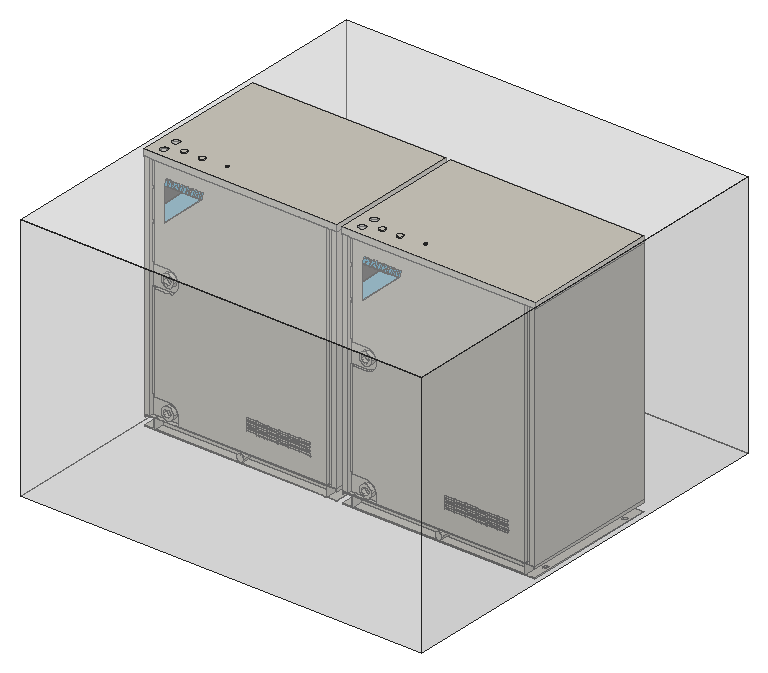
Revit family "outputfile", category 機械設備, Revit 2024
Family settings
  丸型コネクタ寸法 = 半径を使用
  種別 = なし
  パーツ タイプ = 標準
  OmniClass 番号 = 23.75.10.24.21.27.27
  OmniClass タイトル = Split System Air Conditioning Units
  作業面ベース = いいえ
  常に垂直 = はい
  ロード時にボイドで切り取り = いいえ
  注釈の向きを維持 = いいえ
  共有 = いいえ
  部屋計算ポイント = いいえ
Parameters (values of type "RWEYQ20TYM")
  製造元 = "Daikin"
  書き出し IFC クラス(タイプ) = "IfcUnitaryEquipmentType"
  定義済み IFC タイプ(タイプ) = "AIRCONDITIONINGUNIT"
  モデル = "RWEYQ20TYM"
  w_unit2 = 780.0 mm
  w_unit1 = 780.0 mm
  switch_unit2_6-8 [instance] = if(Reverse_ModuleSequence, if(default_unit1 = 1, 1 = 1, 1 = 0), if(default_unit2 = 1, 1 = 1, 1 = 0))  # no
  switch_unit2_12 [instance] = if(Reverse_ModuleSequence, if(default_unit1 = 3, 1 = 1, 1 = 0), if(default_unit2 = 3, 1 = 1, 1 = 0))  # no
  switch_unit2_10 [instance] = if(Reverse_ModuleSequence, if(default_unit1 = 2, 1 = 1, 1 = 0), if(default_unit2 = 2, 1 = 1, 1 = 0))  # yes
  switch_unit1_6-8 [instance] = if(Reverse_ModuleSequence, if(default_unit2 = 1, 1 = 1, 1 = 0), if(default_unit1 = 1, 1 = 1, 1 = 0))  # no
  switch_unit1_12 [instance] = if(Reverse_ModuleSequence, if(default_unit2 = 3, 1 = 1, 1 = 0), if(default_unit1 = 3, 1 = 1, 1 = 0))  # no
  switch_unit1_10 [instance] = if(Reverse_ModuleSequence, if(default_unit2 = 2, 1 = 1, 1 = 0), if(default_unit1 = 2, 1 = 1, 1 = 0))  # yes
  r_Water Outlet Pipe Connection_unit2 [instance] = Water Outlet Pipe Connection_Unit2 / 2  # 15.9 mm
  r_Water Outlet Pipe Connection_unit1 [instance] = Water Outlet Pipe Connection_Unit1 / 2  # 15.9 mm
  r_Water Inlet Pipe Connection_unit2 [instance] = Water Inlet Pipe Connection_Unit2 / 2  # 15.9 mm
  r_Water Inlet Pipe Connection_unit1 [instance] = Water Inlet Pipe Connection_Unit1 / 2  # 15.9 mm
  r_Liquid Pipe Size_unit2 [instance] = Liquid Pipe Size_Unit 2 / 2  # 4.75 mm
  r_HP/LP Gas Pipe Size_unit2 [instance] = [HP/LP Gas Pipe Size_Unit 2] / 2  # 11.1 mm
  r_HP/LP Gas Pipe Size_unit1 [instance] = [HP/LP Gas Pipe Size_Unit 1] / 2  # 11.1 mm
  r_Gas Pipe Size_unit2 [instance] = Gas Pipe Size_Unit 2 / 2  # 11.1 mm
  r_Drain Pipe Size = Drain Pipe Size / 2  # 6.35 mm
  lw_powersupply2 = 51.0 mm
  lw_liquidpipe2 = 274.0 mm
  lw_gaspipe2 [instance] = if(Heat Pump, 107.0 mm, 178.0 mm)  # 107.0 mm
  lw_Water Outlet2 = 95.0 mm
  lw_Water Outlet1 = 95.0 mm
  lw_Water Inlet2 = 95.0 mm
  lw_Water Inlet1 = 95.0 mm
  lw_HP/LP Gas Pipe2 [instance] = if(Heat Pump, 178.0 mm, 107.0 mm)  # 178.0 mm
  lw_HP/LP Gas Pipe1 [instance] = if(Heat Pump, 178.0 mm, 107.0 mm)  # 178.0 mm
  lw_Drain2 = 390.0 mm
  lw_Drain1 = 390.0 mm
  ld_HP/LP Gas Pipe = 69.0 mm
  h_mountinghole = [h_***] + 2.3 mm  # 2.3 mm
  r_Liquid Pipe Size_unit1 [instance] = Liquid Pipe Size_Unit 1 / 2  # 4.75 mm
  r_Gas Pipe Size_unit1 [instance] = Gas Pipe Size_Unit 1 / 2  # 11.1 mm
  distance_unit1-2 [instance] = 20.0 mm
  default_unit2 = 2
  default_unit1 = 2
  default_Water Outlet Pipe Connection_Unit 2 = 31.8 mm
  default_Water Outlet Pipe Connection_Unit 1 = 31.8 mm
  default_Water Inlet Pipe Connection_Unit 2 = 31.8 mm
  default_Water Inlet Pipe Connection_Unit 1 = 31.8 mm
  default_Model_Unit 2 = "RWEYQ10TYM"
  default_Model_Unit 1 = "RWEYQ10TYM"
  default_Liquid Pipe Size_Unit 2 = 9.5 mm
  default_Liquid Pipe Size_Unit 1 = 9.5 mm
  default_HP/LP Gas Pipe Size_Unit 2 [instance] = if(and(Heat Pump, [switch_unit2_6-8]), 19.1 mm, if(and(Heat Pump, switch_unit2_10), 22.2 mm, if(and(Heat Pump, switch_unit2_12), 22.2 mm, if(and(Heat Recovery, [switch_unit2_6-8]), 15.9 mm, if(and(Heat Recovery, switch_unit2_10), 19.1 mm, if(and(Heat Recovery, switch_unit2_12), 19.1 mm, 19.1 mm))))))  # 22.2 mm
  default_HP/LP Gas Pipe Size_Unit 1 [instance] = if(and(Heat Pump, [switch_unit1_6-8]), 19.1 mm, if(and(Heat Pump, switch_unit1_10), 22.2 mm, if(and(Heat Pump, switch_unit1_12), 22.2 mm, if(and(Heat Recovery, [switch_unit1_6-8]), 15.9 mm, if(and(Heat Recovery, switch_unit1_10), 19.1 mm, if(and(Heat Recovery, switch_unit1_12), 19.1 mm, 19.1 mm))))))  # 22.2 mm
  default_Gas Pipe Size_Unit 2 = 22.2 mm
  default_Gas Pipe Size_Unit 1 = 22.2 mm
  angle_Drain [instance] = if(Rear Connection_Drain, 180.00°, 0.00°)  # 0.00°
  Water Outlet Pipe Connection_Unit2 [instance] = if(Reverse_ModuleSequence, default_Water Inlet Pipe Connection_Unit 1, default_Water Inlet Pipe Connection_Unit 2)  # 31.8 mm
  Water Outlet Pipe Connection_Unit1 [instance] = if(Reverse_ModuleSequence, default_Water Outlet Pipe Connection_Unit 2, default_Water Outlet Pipe Connection_Unit 1)  # 31.8 mm
  Water Inlet Pipe Connection_Unit2 [instance] = if(Reverse_ModuleSequence, default_Water Outlet Pipe Connection_Unit 1, default_Water Outlet Pipe Connection_Unit 2)  # 31.8 mm
  Water Inlet Pipe Connection_Unit1 [instance] = if(Reverse_ModuleSequence, default_Water Inlet Pipe Connection_Unit 2, default_Water Inlet Pipe Connection_Unit 1)  # 31.8 mm
  Voltage_comment_60Hz = "380"
  Voltage_comment_50Hz = "380-415"
  Voltage_60Hz = 380 V
  Voltage_50Hz = 400 V
  Top Connection_powersupply2 [instance] = not(Top Connection_powersupply1)  # no
  Sound Power Level (dB) = 74
  Reverse_ModuleSequence [instance] = no
  Rear Connection_Drain [instance] = not(Front Connection_Drain)  # no
  Power Input (Heating) = 11.200 kW
  Phase_60Hz = 3
  Phase_50Hz = 3
  Nominal Heating Capacity = 63.000 kW
  Model_Unit 2 [instance] = if(Reverse_ModuleSequence, default_Model_Unit 1, default_Model_Unit 2)  # "RWEYQ10TYM"
  Model_Unit 1 [instance] = if(Reverse_ModuleSequence, default_Model_Unit 2, default_Model_Unit 1)  # "RWEYQ10TYM"
  Minimum Circuit Amps_60Hz = 27.3 A
  Minimum Circuit Amps_50Hz = 27.3 A
  Maximum Fuse Amps_60Hz = 35.0 A
  Maximum Fuse Amps_50Hz = 35.0 A
  Material_Heat Exchanger = DAIKIN_Blue_HE_outdoorunit
  Material_Casing = DAIKIN_IvoryWhite_Casing_outdoorunit
  lw_powersupply1 = 51.0 mm
  lw_liquidpipe1 = 274.0 mm
  lw_gaspipe1 [instance] = if(Heat Pump, 107.0 mm, 178.0 mm)  # 107.0 mm
  lh_powersupply = 940.0 mm
  ld_powersupply [instance] = if(Top Connection_powersupply1, 38.0 mm, 98.0 mm)  # 38.0 mm
  ld_liquidpipe = 79.0 mm
  ld_gaspipe = 69.0 mm
  h_*** = 0.0 mm
  Width [instance] = [distance_unit1-2] + w_unit1 + w_unit2  # 1580.0 mm
  Version = "ver.1.0"
  Unit Type = ""
  Unit Mass Weight = 294.00 kg
  Unit Designation [instance] = ""
  Uniclass2015Version = "Products v1.30"
  Uniclass2015Title = "Variable refrigerant flow units"
  Uniclass2015Code = "Pr_70_65_03_94"
  Total Cooling Capacity [instance] = 0.000 kW
  Sound Pressure Level (dBA) = 54
  Series = "VRV Heat Recovery"
  Refrigerant_Base Charge = 8.400 kg
  Refrigerant_Additional Charge [instance] = 0.000 kg
  Refrigerant Type = "R410A"
  Power Input (Cooling) = 10.900 kW
  Option Accessory 3 [instance] = ""
  Option Accessory 2 [instance] = ""
  Option Accessory 1 [instance] = ""
  Nominal Cooling Capacity = 56.000 kW
  Load Classification = HVAC
  Liquid Pipe Size_Unit 2 [instance] = if(Reverse_ModuleSequence, default_Liquid Pipe Size_Unit 1, default_Liquid Pipe Size_Unit 2)  # 9.5 mm
  Liquid Pipe Size_Unit 1 [instance] = if(Reverse_ModuleSequence, default_Liquid Pipe Size_Unit 2, default_Liquid Pipe Size_Unit 1)  # 9.5 mm
  Link_Nested Family [instance] = ""
  IfcVersion = ""
  IfcExportType = "AIRCONDITIONINGUNIT"
  IfcExportAs = "IfcUnitaryEquipmentType"
  Height = 1000.0 mm
  Heat Recovery [instance] = not(Heat Pump)  # no
  Heat Pump [instance] = yes
  Heat Exchanger Type = "Stainless Steel Plate"
  HP/LP Gas Pipe Size_Unit 2 [instance] = [default_HP/LP Gas Pipe Size_Unit 2]  # 22.2 mm
  HP/LP Gas Pipe Size_Unit 1 [instance] = [default_HP/LP Gas Pipe Size_Unit 1]  # 22.2 mm
  Gas Pipe Size_Unit 2 [instance] = if(Reverse_ModuleSequence, default_Gas Pipe Size_Unit 1, default_Gas Pipe Size_Unit 2)  # 22.2 mm
  Gas Pipe Size_Unit 1 [instance] = if(Reverse_ModuleSequence, default_Gas Pipe Size_Unit 2, default_Gas Pipe Size_Unit 1)  # 22.2 mm
  Top Connection_powersupply1 [instance] = yes
  Front Connection_Drain [instance] = yes
  Frequency_60Hz = 60 Hz
  Frequency_50Hz = 50 Hz
  Drain Pipe Size = 12.7 mm
  Depth = 550.0 mm
  既定の高さ = 0.0 mm
  Cooling Ambient Wet Bulb Temperature [instance] = 0.00 °C
  Cooling Ambient Dry Bulb Temperature [instance] = 0.00 °C
  Compressor Type = "Hermetically Sealed Scroll Type"
  Clearance visibility [instance] = yes
  Clearance Top = 0.0 mm
  Clearance Right = 20.0 mm
  Clearance Rear = 500.0 mm
  Clearance Left = 20.0 mm
  Clearance Front = 600.0 mm
  Clearance Bottom = 0.0 mm
  CU Tag No. [instance] = ""
Reference planes
  plane 1 "Center (Front/Back)": y = 0
  plane 2 "h_***": z = 0
  plane 3 "Center (Left/Right)": x = 0
  plane 4 "Back": y = 275
  plane 5 "Front": y = -275
  plane 6 "Left": x = -390
  plane 7 "w_unit1": x = 390
  plane 8 "Top": z = 1000
  plane 9 "Clearance Rear": y = 775
  plane 10 "Clearance Front": y = -875
  plane 11 "Clearance Left": x = -410
  plane 12 "Clearance Right": x = 1210
  plane 13 "Clearance Top": z = 1000
  plane 14 "Clearance Bottom": z = 0
  plane 15 "Bottom": z = 0
  plane 16 "lw_powersupply1": x = -339
  plane 17 "ld_powersupply": y = -237
  plane 18 "lw_liquidpipe1": x = -116
  plane 19 "Rear Connection_refrigetant": y = -196
  plane 20 "lw_gaspipe1": x = -283
  plane 21 "ld_gaspipe": y = -206
  plane 22 "lh_logo": z = 900
  plane 23 "lw_logo": x = 100
  plane 24 "lh_powersupply": z = 940
  plane 25 "lw_HP/LP Gas Pipe1": x = -212
  plane 26 "ld_HP/LP Gas Pipe": y = -206
  plane 27 "l_unit2": x = 410
  plane 28 "Right": x = 1190
  plane 29 "lw_powersupply2": x = 461
  plane 30 "lw_liquidpipe2": x = 684
  plane 31 "lw_gaspipe2": x = 517
  plane 32 "lw_HP/LP Gas Pipe2": x = 588
  plane 33 "lw_Water Inlet1": x = -295
  plane 34 "lw_Water Outlet1": x = -295
  plane 35 "lw_Drain1": x = 0
  plane 36 "lw_Water Inlet2": x = 505
  plane 37 "lw_Water Outlet2": x = 505
  plane 38 "lw_Drain2": x = 800
Dimensions and locks
  equal spacing: plane 4 "Back", plane 1 "Center (Front/Back)", plane 5 "Front"
  "Depth": plane 4 "Back" to plane 5 "Front"
  equal spacing: plane 6 "Left", plane 3 "Center (Left/Right)", plane 7 "w_unit1"
  "w_unit1": plane 6 "Left" to plane 7 "w_unit1"
  "Clearance Rear": plane 9 "Clearance Rear" to plane 4 "Back"
  "Clearance Front": plane 10 "Clearance Front" to plane 5 "Front"
  "Clearance Left": plane 11 "Clearance Left" to plane 6 "Left"
  "Clearance Top": plane 13 "Clearance Top" to plane 8 "Top"
  "h_***": plane 15 "Bottom" to plane 2 "h_***"
  "Height": plane 8 "Top" to plane 15 "Bottom"
  "Clearance Bottom": plane 15 "Bottom" to plane 14 "Clearance Bottom"
  "ld_powersupply": plane 17 "ld_powersupply" to plane 5 "Front"
  "ld_liquidpipe": plane 19 "Rear Connection_refrigetant" to plane 5 "Front"
  "ld_gaspipe": plane 21 "ld_gaspipe" to plane 5 "Front"
  locked: plane 23 "lw_logo" to plane 7 "w_unit1" at 290
  locked: plane 22 "lh_logo" to plane 15 "Bottom" at 900
  "lw_gaspipe1": plane 6 "Left" to plane 20 "lw_gaspipe1"
  "lw_liquidpipe1": plane 6 "Left" to plane 18 "lw_liquidpipe1"
  "lw_powersupply1": plane 6 "Left" to plane 16 "lw_powersupply1"
  "lh_powersupply": plane 24 "lh_powersupply" to plane 15 "Bottom"
  "lw_HP/LP Gas Pipe1": plane 6 "Left" to plane 25 "lw_HP/LP Gas Pipe1"
  "ld_HP/LP Gas Pipe": plane 26 "ld_HP/LP Gas Pipe" to plane 5 "Front"
  "distance_unit1-2": plane 7 "w_unit1" to plane 27 "l_unit2"
  "Clearance Right": plane 28 "Right" to plane 12 "Clearance Right"
  "Width": plane 6 "Left" to plane 28 "Right"
  "lw_powersupply2": plane 27 "l_unit2" to plane 29 "lw_powersupply2"
  "lw_HP/LP Gas Pipe2": plane 27 "l_unit2" to plane 32 "lw_HP/LP Gas Pipe2"
  "lw_gaspipe2": plane 27 "l_unit2" to plane 31 "lw_gaspipe2"
  "lw_liquidpipe2": plane 27 "l_unit2" to plane 30 "lw_liquidpipe2"
  "lw_Water Inlet1": plane 6 "Left" to plane 33 "lw_Water Inlet1"
  "lw_Water Outlet1": plane 6 "Left" to plane 34 "lw_Water Outlet1"
  "lw_Drain1": plane 6 "Left" to plane 35 "lw_Drain1"
  "lw_Water Inlet2": plane 27 "l_unit2" to plane 36 "lw_Water Inlet2"
  "lw_Water Outlet2": plane 27 "l_unit2" to plane 37 "lw_Water Outlet2"
  "lw_Drain2": plane 27 "l_unit2" to plane 38 "lw_Drain2"
  aligned and locked: level to plane 2 "h_***"
  aligned and locked: plane 9 "Clearance Rear" to nested 2
  aligned and locked: nested 2 to plane 10 "Clearance Front"
  aligned and locked: plane 11 "Clearance Left" to nested 2
  aligned and locked: plane 12 "Clearance Right" to nested 2
  aligned and locked: plane 13 "Clearance Top" to nested 2
  aligned and locked: plane 14 "Clearance Bottom" to nested 2
  aligned and locked: plane 8 "Top" to nested 1
  aligned and locked: plane 22 "lh_logo" to nested 7
  aligned and locked: nested 8 to plane 16 "lw_powersupply1"
  aligned and locked: nested 9 to plane 20 "lw_gaspipe1"
  aligned and locked: nested 10 to plane 18 "lw_liquidpipe1"
  aligned and locked: nested 10 to plane 19 "Rear Connection_refrigetant"
  aligned and locked: nested 9 to plane 21 "ld_gaspipe"
  aligned and locked: nested 8 to plane 17 "ld_powersupply"
  aligned and locked: plane 5 "Front" to nested 7
  aligned and locked: plane 24 "lh_powersupply" to nested 8
  aligned and locked: plane 27 "l_unit2" to nested 11
  aligned and locked: nested 17 to plane 29 "lw_powersupply2"
  aligned and locked: nested 17 to plane 17 "ld_powersupply"
  aligned and locked: nested 18 to plane 31 "lw_gaspipe2"
  aligned and locked: nested 18 to plane 26 "ld_HP/LP Gas Pipe"
  aligned and locked: plane 1 "Center (Front/Back)" to nested 20
  aligned and locked: plane 33 "lw_Water Inlet1" to nested 20
  aligned and locked: plane 1 "Center (Front/Back)" to nested 21
  aligned and locked: plane 34 "lw_Water Outlet1" to nested 21
  aligned and locked: plane 1 "Center (Front/Back)" to nested 22
  aligned and locked: plane 35 "lw_Drain1" to nested 22
  aligned and locked: plane 1 "Center (Front/Back)" to nested 23
  aligned and locked: plane 36 "lw_Water Inlet2" to nested 23
  aligned and locked: plane 1 "Center (Front/Back)" to nested 24
  aligned and locked: plane 37 "lw_Water Outlet2" to nested 24
  aligned and locked: plane 1 "Center (Front/Back)" to nested 25
  aligned and locked: plane 38 "lw_Drain2" to nested 25
  aligned and locked: plane 25 "lw_HP/LP Gas Pipe1" to nested 26
  aligned and locked: plane 32 "lw_HP/LP Gas Pipe2" to nested 27
  aligned and locked: nested 26 to plane 26 "ld_HP/LP Gas Pipe"
  aligned and locked: nested 27 to plane 26 "ld_HP/LP Gas Pipe"
Nested families
  nested 1: "DAIKIN_outdoorunit_RWEYQ-TYM" at (-31, 0, 0), h_*** <- "h_***", Link_Nest <- "Link_Nested Family", h_mountinghole <- "h_mountinghole", Width <- "w_unit1", switch_unit1_6-8 <- "switch_unit1_6-8", switch_unit1_10 <- "switch_unit1_10", switch_unit1_12 <- "switch_unit1_12", type "RWEYQ-TYM"
    with switch_unit1_6-8 no, switch_unit1_12 no, switch_unit1_10 yes, show_fixedhole yes, h_mountinghole 2.3 mm, h_antenna_mountinghole 998.7 mm, h_*** 0.0 mm, array_bolt 5, Width 780.0 mm, Liquid Pipe Size_Unit 1 9.5 mm, Link_Nest "", HP/LP Pipe Size_Unit 1 22.2 mm, Gas Pipe Size_Unit 1 22.2 mm
  nested 2: "daikin_clearancespace" at (400, -50, 500.119), visible <- "Clearance visibility", show <- "Clearance visibility", Link_Nested Family <- "Link_Nested Family", type "daikin_clearancespace"
    with width 1620.0 mm, show yes, height 1000.0 mm, depth 1650.0 mm, Link_Nested Family ""
  nested 3: "daikin_mountinghole" at (-372, 200, 0), type "daikin_mountinghole"
    with show yes, l_antenna 998.7 mm, h_mountinghole 2.3 mm, Link_Nested Family ""
  nested 4: "daikin_mountinghole" at (372, 200, 0), type "daikin_mountinghole"
    with show yes, l_antenna 998.7 mm, h_mountinghole 2.3 mm, Link_Nested Family ""
  nested 5: "daikin_mountinghole" at (-372, -200, 0), type "daikin_mountinghole"
    with show yes, l_antenna 998.7 mm, h_mountinghole 2.3 mm, Link_Nested Family ""
  nested 6: "daikin_mountinghole" at (372, -200, 0), type "daikin_mountinghole"
    with show yes, l_antenna 998.7 mm, h_mountinghole 2.3 mm, Link_Nested Family ""
  nested 7: "daikin_logo_elevation_w150" at (-212.5, -275, 744.568), type "daikin_logo_elevation_w150"
    with show_logo yes
  nested 8: "daikin_connector_rotate3" at (-339, -237, 940) x (-1, 0, 0) z (0, 0, -1), type "daikin_connector_rotate3"
    with show no, radius 10.0 mm, length 60.0 mm, angle_vertical 0.00°, angle_horizontal 0.00°
  nested 9: "daikin_connector_rotate3" at (-283, -206, 940) x (-1, 0, 0) z (0, 0, -1), radius <- "r_Gas Pipe Size_unit1", type "daikin_connector_rotate3"
    with show no, radius 11.1 mm, length 60.0 mm, angle_vertical 0.00°, angle_horizontal 0.00°
  nested 10: "daikin_connector_rotate3" at (-116, -196, 940) x (-1, 0, 0) z (0, 0, -1), radius <- "r_Liquid Pipe Size_unit1", type "daikin_connector_rotate3"
    with show no, radius 4.75 mm, length 60.0 mm, angle_vertical 0.00°, angle_horizontal 0.00°
  nested 11: "DAIKIN_outdoorunit_RWEYQ-TYM" at (769, 0, 0), Width <- "w_unit2", switch_unit1_6-8 <- "switch_unit2_6-8", switch_unit1_10 <- "switch_unit2_10", switch_unit1_12 <- "switch_unit2_12", type "RWEYQ-TYM"
    with switch_unit1_6-8 no, switch_unit1_12 no, switch_unit1_10 yes, show_fixedhole yes, h_mountinghole 2.3 mm, h_antenna_mountinghole 998.7 mm, h_*** 0.0 mm, array_bolt 5, Width 780.0 mm, Liquid Pipe Size_Unit 1 9.5 mm, Link_Nest "", HP/LP Pipe Size_Unit 1 22.2 mm, Gas Pipe Size_Unit 1 22.2 mm
  nested 12: "daikin_mountinghole" at (428, 200, 0), type "daikin_mountinghole"
    with show yes, l_antenna 998.7 mm, h_mountinghole 2.3 mm, Link_Nested Family ""
  nested 13: "daikin_mountinghole" at (1172, 200, 0), type "daikin_mountinghole"
    with show yes, l_antenna 998.7 mm, h_mountinghole 2.3 mm, Link_Nested Family ""
  nested 14: "daikin_mountinghole" at (428, -200, 0), type "daikin_mountinghole"
    with show yes, l_antenna 998.7 mm, h_mountinghole 2.3 mm, Link_Nested Family ""
  nested 15: "daikin_mountinghole" at (1172, -200, 0), type "daikin_mountinghole"
    with show yes, l_antenna 998.7 mm, h_mountinghole 2.3 mm, Link_Nested Family ""
  nested 16: "daikin_connector_rotate3" at (684, -196, 940) x (-1, 0, 0) z (0, 0, -1), radius <- "r_Liquid Pipe Size_unit2", type "daikin_connector_rotate3"
    with show no, radius 4.75 mm, length 60.0 mm, angle_vertical 0.00°, angle_horizontal 0.00°
  nested 17: "daikin_connector_rotate3" at (461, -237, 940) x (-1, 0, 0) z (0, 0, -1), type "daikin_connector_rotate3"
    with show no, radius 10.0 mm, length 60.0 mm, angle_vertical 0.00°, angle_horizontal 0.00°
  nested 18: "daikin_connector_rotate3" at (517, -206, 940) x (-1, 0, 0) z (0, 0, -1), radius <- "r_Gas Pipe Size_unit2", type "daikin_connector_rotate3"
    with show no, radius 11.1 mm, length 60.0 mm, angle_vertical 0.00°, angle_horizontal 0.00°
  nested 19: "daikin_logo_elevation_w150" at (587.5, -275, 744.568), type "daikin_logo_elevation_w150"
    with show_logo yes
  nested 20: "daikin_connector_rotate3" at (-295, 0, 76), radius <- "r_Water Inlet Pipe Connection_unit1", type "daikin_connector_rotate3"
    with show no, radius 15.9 mm, length 275.0 mm, angle_vertical 90.00°, angle_horizontal 0.00°
  nested 21: "daikin_connector_rotate3" at (-295, 0, 556), radius <- "r_Water Outlet Pipe Connection_unit1", type "daikin_connector_rotate3"
    with show no, radius 15.9 mm, length 275.0 mm, angle_vertical 90.00°, angle_horizontal 0.00°
  nested 22: "daikin_connector_rotate3" at (0, 0, 19), angle_horizontal <- "angle_Drain", radius <- "r_Drain Pipe Size", type "daikin_connector_rotate3"
    with show no, radius 6.35 mm, length 275.0 mm, angle_vertical 90.00°, angle_horizontal 0.00°
  nested 23: "daikin_connector_rotate3" at (505, 0, 76), radius <- "r_Water Inlet Pipe Connection_unit2", type "daikin_connector_rotate3"
    with show no, radius 15.9 mm, length 275.0 mm, angle_vertical 90.00°, angle_horizontal 0.00°
  nested 24: "daikin_connector_rotate3" at (505, 0, 556), radius <- "r_Water Outlet Pipe Connection_unit2", type "daikin_connector_rotate3"
    with show no, radius 15.9 mm, length 275.0 mm, angle_vertical 90.00°, angle_horizontal 0.00°
  nested 25: "daikin_connector_rotate3" at (800, 0, 19), angle_horizontal <- "angle_Drain", radius <- "r_Drain Pipe Size", type "daikin_connector_rotate3"
    with show no, radius 6.35 mm, length 275.0 mm, angle_vertical 90.00°, angle_horizontal 0.00°
  nested 26: "daikin_connector_rotate3" at (-212, -206, 940) x (1, 0, 0) z (0, 0, -1), radius <- "r_HP/LP Gas Pipe Size_unit1", type "daikin_connector_rotate3"
    with show no, radius 11.1 mm, length 60.0 mm, angle_vertical 0.00°, angle_horizontal 0.00°
  nested 27: "daikin_connector_rotate3" at (588, -206, 940) x (1, 0, 0) z (0, 0, -1), radius <- "r_HP/LP Gas Pipe Size_unit2", type "daikin_connector_rotate3"
    with show no, radius 11.1 mm, length 60.0 mm, angle_vertical 0.00°, angle_horizontal 0.00°
Connectors
  piping at (-116, -196, 1000), diameter 9.5, driven by "r_Liquid Pipe Size_unit1"
    settings: on nested 10, index 12, connector inside diameter 609.6 mm, connector length 0.0 mm, flow factor 0, pipe flow 0.00 m³/h, pressure drop 0.0 Pa, fitting loss kfactor 0, connector angle 0.00°, fixture units 0, engagement length 0.0 mm, angle of deflection 0.00°, flow configuration 0, flow direction 2, fitting loss method 0, system type 29, joint type 0, gender type 0, connector reference index -1, connector utility 0, adjustable connector no, is connector primary no, connector description "Refrigerant Liquid Piping1"
  electrical at (-339, -237, 1000), driven by "Load Classification"
    settings: on nested 8, index 13, voltage 0 V, apparent load 0 VA, apparent load phase1 0 VA, apparent load phase2 0 VA, apparent load phase3 0 VA, power factor 1, load classification "HVAC", number of poles 1, system type 30, power factor state 1, is connector primary yes, connector utility no, sub classification motor no, connector description "Power Supply1"
  piping at (684, -196, 1000), diameter 9.5, driven by "r_Liquid Pipe Size_unit2"
    settings: on nested 16, index 15, connector inside diameter 609.6 mm, connector length 0.0 mm, flow factor 0, pipe flow 0.00 m³/h, pressure drop 0.0 Pa, fitting loss kfactor 0, connector angle 0.00°, fixture units 0, engagement length 0.0 mm, angle of deflection 0.00°, flow configuration 0, flow direction 2, fitting loss method 0, system type 29, joint type 0, gender type 0, connector reference index -1, connector utility 0, adjustable connector no, is connector primary no, connector description "Refrigerant Liquid Piping2"
  electrical at (461, -237, 1000), driven by "Load Classification"
    settings: on nested 17, index 17, voltage 0 V, apparent load 0 VA, apparent load phase1 0 VA, apparent load phase2 0 VA, apparent load phase3 0 VA, power factor 1, load classification "HVAC", number of poles 1, system type 30, power factor state 1, is connector primary no, connector utility no, sub classification motor no, connector description "Power Supply2"
  piping at (-295, -275, 556), diameter 31.8, driven by "r_Water Outlet Pipe Connection_unit1"
    settings: on nested 21, index 19, connector inside diameter 609.6 mm, connector length 0.0 mm, flow factor 0, pipe flow 0.00 m³/h, pressure drop 0.0 Pa, fitting loss kfactor 0, connector angle 0.00°, fixture units 0, engagement length 0.0 mm, angle of deflection 0.00°, flow configuration 1, flow direction 2, fitting loss method 0, system type 8, joint type 0, gender type 0, connector reference index -1, connector utility 0, adjustable connector no, is connector primary no, connector description "Cooling Water Outlet Piping 1"
  piping at (-295, -275, 76), diameter 31.8, driven by "r_Water Inlet Pipe Connection_unit1"
    settings: on nested 20, index 20, connector inside diameter 609.6 mm, connector length 0.0 mm, flow factor 0, pipe flow 0.00 m³/h, pressure drop 0.0 Pa, fitting loss kfactor 0, connector angle 0.00°, fixture units 0, engagement length 0.0 mm, angle of deflection 0.00°, flow configuration 1, flow direction 1, fitting loss method 0, system type 7, joint type 0, gender type 0, connector reference index -1, connector utility 0, adjustable connector no, is connector primary no, connector description "Cooling Water Inlet  Piping 1"
  piping at (0, -275, 19), diameter 12.7, driven by "r_Drain Pipe Size"
    settings: on nested 22, index 21, connector inside diameter 609.6 mm, connector length 0.0 mm, flow factor 0, pipe flow 0.00 m³/h, pressure drop 0.0 Pa, fitting loss kfactor 0, connector angle 0.00°, fixture units 0, engagement length 0.0 mm, angle of deflection 0.00°, flow configuration 1, flow direction 2, fitting loss method 4, system type 16, joint type 0, gender type 0, connector reference index -1, connector utility 0, adjustable connector no, is connector primary no, connector description "Condensate Drain Piping 1"
  piping at (505, -275, 556), diameter 31.8, driven by "r_Water Outlet Pipe Connection_unit2"
    settings: on nested 24, index 22, connector inside diameter 609.6 mm, connector length 0.0 mm, flow factor 0, pipe flow 0.00 m³/h, pressure drop 0.0 Pa, fitting loss kfactor 0, connector angle 0.00°, fixture units 0, engagement length 0.0 mm, angle of deflection 0.00°, flow configuration 1, flow direction 2, fitting loss method 0, system type 8, joint type 0, gender type 0, connector reference index -1, connector utility 0, adjustable connector no, is connector primary no, connector description "Cooling Water Outlet Piping 2"
  piping at (505, -275, 76), diameter 31.8, driven by "r_Water Inlet Pipe Connection_unit2"
    settings: on nested 23, index 23, connector inside diameter 609.6 mm, connector length 0.0 mm, flow factor 0, pipe flow 0.00 m³/h, pressure drop 0.0 Pa, fitting loss kfactor 0, connector angle 0.00°, fixture units 0, engagement length 0.0 mm, angle of deflection 0.00°, flow configuration 1, flow direction 1, fitting loss method 0, system type 7, joint type 0, gender type 0, connector reference index -1, connector utility 0, adjustable connector no, is connector primary no, connector description "Cooling Water Inlet  Piping 2"
  piping at (800, -275, 19), diameter 12.7, driven by "r_Drain Pipe Size"
    settings: on nested 25, index 24, connector inside diameter 609.6 mm, connector length 0.0 mm, flow factor 0, pipe flow 0.00 m³/h, pressure drop 0.0 Pa, fitting loss kfactor 0, connector angle 0.00°, fixture units 0, engagement length 0.0 mm, angle of deflection 0.00°, flow configuration 1, flow direction 2, fitting loss method 4, system type 16, joint type 0, gender type 0, connector reference index -1, connector utility 0, adjustable connector no, is connector primary no, connector description "Condensate Drain Piping 2"
  piping at (-212, -206, 1000), diameter 22.2, driven by "r_HP/LP Gas Pipe Size_unit1"
    settings: on nested 26, index 27, connector inside diameter 609.6 mm, connector length 0.0 mm, flow factor 0, pipe flow 0.00 m³/h, pressure drop 0.0 Pa, fitting loss kfactor 0, connector angle 0.00°, fixture units 0, engagement length 0.0 mm, angle of deflection 0.00°, flow configuration 0, flow direction 0, fitting loss method 0, system type 29, joint type 0, gender type 0, connector reference index -1, connector utility 0, adjustable connector no, is connector primary no, connector description "Refrigerant HP/LP Gas Piping1"
  piping at (588, -206, 1000), diameter 22.2, driven by "r_HP/LP Gas Pipe Size_unit2"
    settings: on nested 27, index 28, connector inside diameter 609.6 mm, connector length 0.0 mm, flow factor 0, pipe flow 0.00 m³/h, pressure drop 0.0 Pa, fitting loss kfactor 0, connector angle 0.00°, fixture units 0, engagement length 0.0 mm, angle of deflection 0.00°, flow configuration 0, flow direction 0, fitting loss method 0, system type 29, joint type 0, gender type 0, connector reference index -1, connector utility 0, adjustable connector no, is connector primary no, connector description "Refrigerant HP/LP Gas Piping2"
  piping at (-283, -206, 1000), diameter 22.2, driven by "r_Gas Pipe Size_unit1"
    settings: on nested 9, index 29, connector inside diameter 609.6 mm, connector length 0.0 mm, flow factor 0, pipe flow 0.00 m³/h, pressure drop 0.0 Pa, fitting loss kfactor 0, connector angle 0.00°, fixture units 0, engagement length 0.0 mm, angle of deflection 0.00°, flow configuration 0, flow direction 1, fitting loss method 0, system type 29, joint type 0, gender type 0, connector reference index -1, connector utility 0, adjustable connector no, is connector primary yes, connector description "Refrigerant Gas Piping1"
  piping at (517, -206, 1000), diameter 22.2, driven by "r_Gas Pipe Size_unit2"
    settings: on nested 18, index 30, connector inside diameter 609.6 mm, connector length 0.0 mm, flow factor 0, pipe flow 0.00 m³/h, pressure drop 0.0 Pa, fitting loss kfactor 0, connector angle 0.00°, fixture units 0, engagement length 0.0 mm, angle of deflection 0.00°, flow configuration 0, flow direction 1, fitting loss method 0, system type 29, joint type 0, gender type 0, connector reference index -1, connector utility 0, adjustable connector no, is connector primary no, connector description "Refrigerant Gas Piping2"
Definition of nested family "DAIKIN_outdoorunit_RWEYQ-TYM"
  Parameters (values of type "RWEYQ-TYM")
    w_wiremesh_right = 668.0 mm  # constant formula
    w_wiremesh_left = 590.0 mm  # constant formula
    w_wiremesh_front = 248.0 mm  # constant formula
    switch_unit1_6-8 [instance] = no
    switch_unit1_12 [instance] = yes
    switch_unit1_10 [instance] = no
    show_fixedhole [instance] = yes
    material_heatexchanger = none
    material_casing = none
    ld_hole1_bottom = 154.0 mm  # constant formula
    h_wiremesh = 900.0 mm  # constant formula
    h_mountinghole [instance] = 2.3 mm
    h_antenna_mountinghole [instance] = Height + 1.0 mm - 2.3 mm  # 998.7 mm
    h_*** [instance] = 0.0 mm
    array_bolt [instance] = 5
    Width [instance] = 780.0 mm
    Liquid Pipe Size_Unit 1 [instance] = if([switch_unit1_6-8], 9.5 mm, if(switch_unit1_10, 9.5 mm, if(switch_unit1_12, 12.7 mm, 9.5 mm)))  # 12.7 mm
    Link_Nest [instance] = ""
    Height = 1000.0 mm
    Heat Recovery = not(Heat Pump)  # no
    Heat Pump = yes
    HP/LP Pipe Size_Unit 1_L = if(Heat Pump, 178.0 mm, 107.0 mm)  # 178.0 mm
    HP/LP Pipe Size_Unit 1 [instance] = if(Heat Recovery, if([switch_unit1_6-8], 15.9 mm, if(switch_unit1_10, 19.1 mm, if(switch_unit1_12, 19.1 mm, 15.9 mm))), if([switch_unit1_6-8], 19.1 mm, if(switch_unit1_10, 22.2 mm, if(switch_unit1_12, 22.2 mm, 19.1 mm))))  # 22.2 mm
    Gas Pipe Size_Unit 1_L = if(Heat Pump, 107.0 mm, 178.0 mm)  # 107.0 mm
    Gas Pipe Size_Unit 1_H = 60.0 mm  # constant formula
    Gas Pipe Size_Unit 1 [instance] = if([switch_unit1_6-8], 19.1 mm, if(switch_unit1_10, 22.2 mm, if(switch_unit1_12, 22.2 mm, 19.1 mm)))  # 22.2 mm
    Depth = 550.0 mm
    Default Elevation = 0.0 mm
  Reference planes
    plane 1 "Center (Front/Back)": y = 0
    plane 2 "reference_level": z = 0
    plane 3 "Center (Left/Right)": x = 31
    plane 4 "Bottom": z = 0
    plane 5: x = 421
    plane 6: x = -359
    plane 7 "Back": y = 275
    plane 8 "Front": y = -275
    plane 9: z = 1000
    plane 10: z = 976
    plane 11: y = -255
    plane 12: y = 255
    plane 13: x = -337
    plane 14: x = 399
    plane 15: x = -341
    plane 16: z = 45
    plane 17: x = 403
    plane 18: y = 200
    plane 19: y = -200
    plane 20: z = 1060
    plane 21: z = 19
    plane 22: z = 1000
    plane 23: z = 940
  Forms (mm)
    Extrusion 1, solid, material <- "material_heatexchanger"
      sketch origin (0, 0, 0) x (1, 0, 0) y (0, 1, 0)
        loop
          line (-337, 255) -> (-337, -255) -> (399, -255) -> (399, 255) -> (-337, 255)
      from 54 to 976
    Extrusion 2, void
      sketch origin (0, 350, 0) x (1, 0, 0) y (0, 1, 0)
        loop
          circle (-341, -150) r 8.5
        loop
          circle (403, -150) r 8.5
        loop
          circle (403, -550) r 8.5
        loop
          circle (-341, -550) r 8.5
      from 0 to 29.064
    Extrusion 3, solid, material <- "material_casing"
      sketch origin (620, -305, 0) x (-1, 0, 0) y (0, 0, 1)
        loop
          line (204.3, 35.061) -> (204.3, 42.7) -> (239.7, 42.7) -> (239.7, 2.3) -> (201, 2.3) -> (201, 0) -> (242, 0) -> (242, 45) -> (201, 45) -> (201, 35.061) -> (204.3, 35.061)
        loop
          line (973.7, 35.061) -> (977, 35.061) -> (977, 45) -> (936, 45) -> (936, 0) -> (977, 0) -> (977, 2.3) -> (938.3, 2.3) -> (938.3, 42.7) -> (973.7, 42.7) -> (973.7, 35.061)
      from 30 to 580
    Extrusion 4, solid, material <- "material_casing"
      sketch origin (31, 0, 0) x (0, 1, 0) y (0, 0, 1)
        loop
          line (-275, 45) -> (-275, 42.7) -> (-236.3, 42.7) -> (-236.3, 2.3) -> (-275, 2.3) -> (-275, 0) -> (-234, 0) -> (-234, 45) -> (-275, 45)
        loop
          line (275, 45) -> (234, 45) -> (234, 0) -> (275, 0) -> (275, 2.3) -> (236.3, 2.3) -> (236.3, 42.7) -> (275, 42.7) -> (275, 45)
      from -347 to 347
    Extrusion 5, solid, material <- "material_casing"
      sketch origin (0, 0, 0) x (1, 0, 0) y (0, 1, 0)
        loop
          circle (-85, -196) r 6.35
        loop
          circle (-181, -206) r 11.1
      from 940 to 1000
    Extrusion 6, solid, material <- "material_casing"
      sketch origin (-663.497, -190, 1200) x (-1, 0, 0) y (0, 0, 1)
        loop
          circle (-694.497, -1181) r 14
      from -85 to -46.3
    Extrusion 7, solid, material <- "material_casing"
      sketch origin (-663.497, 321.3, 1200) x (-1, 0, 0) y (0, 0, 1)
        loop
          circle (-694.497, -1181) r 14
      from -85 to -46.3
    Extrusion 8, solid, material <- "material_casing"
      sketch origin (0, -500, 0) x (1, 0, 0) y (0, 1, 0)
        loop
          circle (-252, 294) r 11.1
      from 940 to 1000
  Cuts and joins
    Extrusion 2 cuts Extrusion 3
  Dimensions and locks
    equal spacing: plane 6, plane 3 "Center (Left/Right)", plane 5
    "Width": plane 6 to plane 5
    locked: plane 9 to plane 10 at 24
    "Depth": plane 8 "Front" to plane 7 "Back"
    equal spacing: plane 7 "Back", plane 1 "Center (Front/Back)", plane 8 "Front"
    locked: plane 12 to plane 7 "Back" at 20
    locked: plane 11 to plane 8 "Front" at 20
    locked: plane 6 to plane 13 at 22
    locked: plane 14 to plane 5 at 22
    locked: plane 6 to plane 15 at 18
    "h_***": plane 4 "Bottom" to plane 2 "reference_level"
    locked: plane 16 to plane 4 "Bottom" at 45
    "Height": plane 9 to plane 4 "Bottom"
    locked: plane 5 to Extrusion 3 sketch curve at 2  (x2)
    locked: Extrusion 3 sketch curve to Extrusion 3 sketch curve at 41  (x2)
    locked: Extrusion 3 sketch curve to Extrusion 3 sketch curve at 3.3  (x2)
    locked: Extrusion 3 sketch curve to plane 6 at 2  (x2)
    locked: plane 8 "Front" to Extrusion 4 sketch curve at 41
    locked: Extrusion 4 sketch curve to plane 7 "Back" at 41
    locked: plane 17 to plane 5 at 18
    plane 19 to plane 8 "Front" = 75.0 mm
    locked: plane 18 to plane 7 "Back" at 75
    locked: Extrusion 5 sketch curve to plane 8 "Front" at 79
    locked: plane 6 to Extrusion 5 sketch curve at 274
    "HP/LP Pipe Size_Unit 1_L": plane 6 to Extrusion 5 sketch curve
    locked: Extrusion 5 sketch curve to plane 8 "Front" at 69
    locked: plane 20 to plane 9 at 60
    plane 21 to plane 4 "Bottom" = 19.0 mm
    "Gas Pipe Size_Unit 1_L": plane 6 to Extrusion 8 sketch curve
    locked: Extrusion 8 sketch curve to plane 8 "Front" at 69
    "Gas Pipe Size_Unit 1_H": plane 20 to plane 22
    locked: plane 22 to plane 23 at 60
    "HP/LP Pipe Size_Unit 1": diameter of Extrusion 5 sketch curve
    "Liquid Pipe Size_Unit 1": diameter of Extrusion 5 sketch curve
    "Gas Pipe Size_Unit 1": diameter of Extrusion 8 sketch curve
    aligned and locked: level to plane 2 "reference_level"
    aligned and locked: plane 12 to Extrusion 1 sketch curve
    aligned and locked: plane 11 to Extrusion 1 sketch curve
    aligned and locked: plane 13 to Extrusion 1 sketch curve
    aligned and locked: plane 14 to Extrusion 1 sketch curve
    aligned and locked: plane 10 to Extrusion 1
    aligned and locked: plane 11 to nested 1
    aligned and locked: plane 10 to nested 4
    aligned and locked: nested 5 to plane 9
    aligned and locked: plane 10 to nested 3
    aligned and locked: plane 10 to nested 2
    aligned and locked: plane 13 to nested 4
    aligned and locked: plane 14 to nested 2
    aligned and locked: plane 12 to nested 3
    aligned and locked: plane 15 to nested 7
    aligned and locked: plane 15 to nested 9
    aligned and locked: plane 8 "Front" to nested 5
    aligned and locked: plane 6 to nested 5
    aligned and locked: plane 10 to nested 1
    aligned and locked: plane 13 to nested 1
    aligned and locked: nested 2 to plane 1 "Center (Front/Back)"
    aligned and locked: nested 3 to plane 3 "Center (Left/Right)"
    aligned and locked: plane 1 "Center (Front/Back)" to nested 4
    aligned and locked: nested 6 to plane 3 "Center (Left/Right)"
    aligned and locked: plane 1 "Center (Front/Back)" to nested 6
    aligned and locked: plane 16 to Extrusion 3 sketch curve
    aligned and locked: Extrusion 3 sketch curve to plane 4 "Bottom"
    aligned and locked: Extrusion 3 sketch curve to plane 16
    aligned and locked: plane 4 "Bottom" to Extrusion 3 sketch curve
    aligned and locked: Extrusion 3 to plane 7 "Back"
    aligned and locked: Extrusion 3 to plane 8 "Front"
    aligned and locked: plane 8 "Front" to Extrusion 4 sketch curve  (x2)
    aligned and locked: plane 4 "Bottom" to Extrusion 4 sketch curve
    aligned and locked: Extrusion 4 sketch curve to plane 16
    aligned and locked: Extrusion 4 sketch curve to plane 7 "Back"  (x2)
    aligned and locked: plane 18 to Extrusion 2 sketch curve  (x2)
    aligned and locked: plane 15 to Extrusion 2 sketch curve  (x2)
    aligned and locked: plane 17 to Extrusion 2 sketch curve  (x2)
    aligned and locked: plane 17 to nested 8
    aligned and locked: plane 18 to nested 8
    aligned and locked: plane 18 to nested 7
    aligned and locked: nested 7 to plane 15
    aligned and locked: nested 9 to plane 19
    aligned and locked: nested 9 to plane 15
    aligned and locked: nested 10 to plane 19
    aligned and locked: plane 17 to nested 10
    aligned and locked: plane 19 to Extrusion 2 sketch curve  (x2)
    aligned and locked: plane 3 "Center (Left/Right)" to Extrusion 6 sketch curve
    aligned and locked: plane 21 to Extrusion 6 sketch curve
    aligned and locked: plane 22 to Extrusion 8
    aligned and locked: Extrusion 8 to plane 23
    aligned and locked: Extrusion 5 to plane 23
    aligned and locked: Extrusion 5 to plane 22
  Automatic sketch dimensions
    Extrusion 3 sketch curve to Extrusion 3 sketch curve = 2.3 mm  (x2)
    level to Extrusion 3 sketch curve = 2.3 mm  (x2)
    Extrusion 3 sketch curve to plane 16 = 9.939 mm  (x2)
    Extrusion 3 sketch curve to plane 16 = 2.3 mm  (x2)
    Extrusion 4 sketch curve to level = 0.0 mm
    Extrusion 4 sketch curve to plane 16 = 0.0 mm
    Extrusion 4 sketch curve to Extrusion 4 sketch curve = 2.3 mm  (x2)
    level to Extrusion 4 sketch curve = 2.3 mm  (x2)
    Extrusion 4 sketch curve to plane 16 = 2.3 mm  (x2)
    Extrusion 7 sketch curve to plane 3 "Center (Left/Right)" = 0.0 mm
    Extrusion 7 sketch curve to plane 21 = 0.0 mm
    radius of Extrusion 2 sketch curve = 8.5 mm  (x4)
    radius of Extrusion 6 sketch curve = 14.0 mm
    radius of Extrusion 7 sketch curve = 14.0 mm
  Nested families
    nested 1: "outdoorunit_frontpanel" at (-337, -265, 45), material <- "material_casing", type "frontpanel1"
      with material none
    nested 2: "outdoorunit_rightpanel1" at (409, -275, 45) x (0, 1, 0) z (0, 0, 1), material <- "material_casing", type "frontpanel1"
      with material none
    nested 3: "outdoorunit_backpanel" at (399, 265, 45) x (-1, 0, 0) z (0, 0, 1), material <- "material_casing", type "frontpanel1"
      with material none
    nested 4: "outdoorunit_leftpanel" at (-347, 275, 45) x (0, -1, 0) z (0, 0, 1), material <- "material_casing", type "frontpanel1"
      with material none
    nested 5: "outdoorunit_uppanel" at (-359, -275, 988) x (1, 0, 0) z (0, 1, 0), material <- "material_casing", type "frontpanel1"
      with material none
    nested 6: "outdoorunit_downpanel" at (399, 255, 56) x (-1, 0, 0) z (0, -1, 0), material <- "material_casing", type "frontpanel1"
      with material none
    nested 7: "daikin_mountinghole" at (-341, 200, 0), visible <- "show_fixedhole", Link_Nested Family <- "Link_Nest", l_antenna <- "h_antenna_mountinghole", h_mountinghole <- "h_mountinghole", type "daikin_mountinghole"
      with show yes, l_antenna 998.7 mm, h_mountinghole 2.3 mm, Link_Nested Family ""
    nested 8: "daikin_mountinghole" at (403, 200, 0), visible <- "show_fixedhole", Link_Nested Family <- "Link_Nest", l_antenna <- "h_antenna_mountinghole", h_mountinghole <- "h_mountinghole", type "daikin_mountinghole"
      with show yes, l_antenna 998.7 mm, h_mountinghole 2.3 mm, Link_Nested Family ""
    nested 9: "daikin_mountinghole" at (-341, -200, 0), visible <- "show_fixedhole", Link_Nested Family <- "Link_Nest", l_antenna <- "h_antenna_mountinghole", h_mountinghole <- "h_mountinghole", type "daikin_mountinghole"
      with show yes, l_antenna 998.7 mm, h_mountinghole 2.3 mm, Link_Nested Family ""
    nested 10: "daikin_mountinghole" at (403, -200, 0), visible <- "show_fixedhole", Link_Nested Family <- "Link_Nest", l_antenna <- "h_antenna_mountinghole", h_mountinghole <- "h_mountinghole", type "daikin_mountinghole"
      with show yes, l_antenna 998.7 mm, h_mountinghole 2.3 mm, Link_Nested Family ""
  Definition of nested family "outdoorunit_frontpanel"
    Parameters (values of type "frontpanel1")
      width = 736.0 mm
      material [instance] = none
      height1 = 931.0 mm
      depth = 20.0 mm
      Default Elevation = 0.0 mm
    Reference planes
      plane 1 "Center (Front/Back)": y = 0
      plane 2 "Bottom": z = 0
      plane 3: x = 0
      plane 4 "Back": y = 10
      plane 5 "Front": y = -10
      plane 6: x = 736
      plane 7 "Top": z = 931
      plane 8 "Left": x = 0
      plane 9 "Center L/S": y = 5
      plane 10 "Center L/T": y = -5
    Forms (mm)
      Extrusion 1, solid, material <- "material"
        sketch origin (0, 0, 0) x (1, 0, 0) y (0, 1, 0)
          loop
            line (0, 10) -> (0, -10) -> (736, -10) -> (736, 10) -> (0, 10)
        from 0 to 931
      Extrusion 2, void
        sketch origin (0, 0, 0) x (1, 0, 0) y (0, 0, 1)
          loop
            line (0, 931) -> (0, 0) -> (21, 0) -> (21, 931) -> (0, 931)
          loop
            line (736, 931) -> (715, 931) -> (715, 0) -> (736, 0) -> (736, 931)
        from 0 to 250
      Extrusion 3, void
        sketch origin (0, 0, 0) x (1, 0, 0) y (0, 0, 1)
          loop
            line (2, 931) -> (-33, 931) -> (-33, -14) -> (118, -14) -> (118, 31)
            arc (118, 31) -> (104.82, 62.82) -> (73, 76) r 45
            line (73, 76) -> (2, 76) -> (2, 466) -> (73, 466)
            arc (73, 466) -> (118, 511) -> (73, 556) r 45
            line (73, 556) -> (2, 556) -> (2, 692) -> (10.5, 692)
            arc (10.5, 692) -> (18, 699.5) -> (10.5, 707) r 7.5
            line (10.5, 707) -> (2, 707) -> (2, 817) -> (10.5, 817)
            arc (10.5, 817) -> (18, 824.5) -> (10.5, 832) r 7.5
            line (10.5, 832) -> (2, 832) -> (2, 931)
        from -5 to 250
      Extrusion 4, void
        sketch origin (0, 0, 0) x (1, 0, 0) y (0, 0, 1)
          loop
            line (734, 931) -> (734, 0) -> (972.161, 0) -> (972.161, 931) -> (734, 931)
        from -5 to 250
      Extrusion 5, solid, material <- "material"
        sketch origin (0, 0, 0) x (1, 0, 0) y (0, 0, 1)
          loop
            circle (73, 511) r 25
          loop
            circle (73, 511) r 15.5
          loop
            circle (73, 31) r 25
          loop
            circle (73, 31) r 15.5
        from -5 to 10
      Extrusion 6, void
        sketch origin (0, 0, 0) x (1, 0, 0) y (0, 0, 1)
          loop
            line (390.8, 131) -> (390.8, 118.75) -> (433.5, 118.75) -> (433.5, 131) -> (390.8, 131)
          loop
            line (390.8, 80) -> (433.5, 80) -> (433.5, 92.25) -> (390.8, 92.25) -> (390.8, 80)
          loop
            line (390.8, 117.75) -> (390.8, 106) -> (433.5, 106) -> (433.5, 117.75) -> (390.8, 117.75)
          loop
            line (390.8, 105) -> (390.8, 93.25) -> (433.5, 93.25) -> (433.5, 105) -> (390.8, 105)
          loop
            line (476.7, 131) -> (434.5, 131) -> (434.5, 118.75) -> (476.7, 118.75) -> (476.7, 131)
          loop
            line (434.5, 80) -> (476.7, 80) -> (476.7, 92.25) -> (434.5, 92.25) -> (434.5, 80)
          loop
            line (434.5, 117.75) -> (434.5, 106) -> (476.7, 106) -> (476.7, 117.75) -> (434.5, 117.75)
          loop
            line (434.5, 105) -> (434.5, 93.25) -> (476.7, 93.25) -> (476.7, 105) -> (434.5, 105)
          loop
            line (519.9, 131) -> (477.7, 131) -> (477.7, 118.75) -> (519.9, 118.75) -> (519.9, 131)
          loop
            line (477.7, 80) -> (519.9, 80) -> (519.9, 92.25) -> (477.7, 92.25) -> (477.7, 80)
          loop
            line (477.7, 117.75) -> (477.7, 106) -> (519.9, 106) -> (519.9, 117.75) -> (477.7, 117.75)
          loop
            line (477.7, 105) -> (477.7, 93.25) -> (519.9, 93.25) -> (519.9, 105) -> (477.7, 105)
          loop
            line (563.1, 131) -> (520.9, 131) -> (520.9, 118.75) -> (563.1, 118.75) -> (563.1, 131)
          loop
            line (520.9, 80) -> (563.1, 80) -> (563.1, 92.25) -> (520.9, 92.25) -> (520.9, 80)
          loop
            line (520.9, 117.75) -> (520.9, 106) -> (563.1, 106) -> (563.1, 117.75) -> (520.9, 117.75)
          loop
            line (520.9, 105) -> (520.9, 93.25) -> (563.1, 93.25) -> (563.1, 105) -> (520.9, 105)
          loop
            line (606.3, 131) -> (564.1, 131) -> (564.1, 118.75) -> (606.3, 118.75) -> (606.3, 131)
          loop
            line (564.1, 80) -> (606.3, 80) -> (606.3, 92.25) -> (564.1, 92.25) -> (564.1, 80)
          loop
            line (564.1, 117.75) -> (564.1, 106) -> (606.3, 106) -> (606.3, 117.75) -> (564.1, 117.75)
          loop
            line (564.1, 105) -> (564.1, 93.25) -> (606.3, 93.25) -> (606.3, 105) -> (564.1, 105)
          loop
            line (650, 131) -> (607.3, 131) -> (607.3, 118.75) -> (650, 118.75) -> (650, 131)
          loop
            line (607.3, 80) -> (650, 80) -> (650, 92.25) -> (607.3, 92.25) -> (607.3, 80)
          loop
            line (607.3, 117.75) -> (607.3, 106) -> (650, 106) -> (650, 117.75) -> (607.3, 117.75)
          loop
            line (607.3, 105) -> (607.3, 93.25) -> (650, 93.25) -> (650, 105) -> (607.3, 105)
        from 5 to 250
    Cuts and joins
      Extrusion 2, Extrusion 3, Extrusion 4, Extrusion 6 cuts Extrusion 1
    Dimensions and locks
      equal spacing: plane 4 "Back", plane 1 "Center (Front/Back)", plane 5 "Front"
      "depth": plane 4 "Back" to plane 5 "Front"
      "width": plane 8 "Left" to plane 6
      "height1": plane 7 "Top" to plane 2 "Bottom"
      locked: plane 8 "Left" to Extrusion 2 sketch curve at 21
      locked: Extrusion 2 sketch curve to plane 6 at 21
      locked: plane 9 "Center L/S" to plane 1 "Center (Front/Back)" at 5
      locked: Extrusion 3 sketch curve to Extrusion 3 sketch curve at 15  (x2)
      locked: plane 7 "Top" to Extrusion 3 sketch curve at 99
      locked: Extrusion 3 sketch curve to plane 8 "Left" at 10.5
      locked: Extrusion 3 sketch curve to Extrusion 3 sketch curve at 125
      locked: Extrusion 3 sketch curve to Extrusion 3 sketch curve at 90  (x2)
      locked: Extrusion 3 sketch curve to plane 8 "Left" at 73
      locked: Extrusion 3 sketch curve to Extrusion 3 sketch curve at 136
      locked: Extrusion 3 sketch curve to plane 2 "Bottom" at 76
      locked: Extrusion 3 sketch curve to Extrusion 3 sketch curve at 390
      locked: plane 6 to Extrusion 4 sketch curve at 2
      locked: plane 10 "Center L/T" to plane 1 "Center (Front/Back)" at 5
      aligned and locked: level to plane 2 "Bottom"
      aligned and locked: plane 8 "Left" to Extrusion 1 sketch curve
      aligned and locked: Extrusion 1 sketch curve to plane 4 "Back"
      aligned and locked: plane 5 "Front" to Extrusion 1 sketch curve
      aligned and locked: Extrusion 1 to plane 2 "Bottom"
      aligned and locked: plane 7 "Top" to Extrusion 1
      aligned and locked: plane 3 to plane 8 "Left"
      aligned and locked: plane 8 "Left" to Extrusion 2 sketch curve
      aligned and locked: Extrusion 2 sketch curve to plane 7 "Top"
      aligned and locked: plane 2 "Bottom" to Extrusion 2 sketch curve
      aligned and locked: Extrusion 2 sketch curve to plane 2 "Bottom"
      aligned and locked: plane 6 to Extrusion 2 sketch curve
      aligned and locked: plane 7 "Top" to Extrusion 2 sketch curve
      aligned and locked: Extrusion 2 to plane 1 "Center (Front/Back)"
      aligned and locked: plane 9 "Center L/S" to Extrusion 3
      aligned and locked: Extrusion 4 sketch curve to plane 7 "Top"
      aligned and locked: plane 2 "Bottom" to Extrusion 4 sketch curve
      aligned and locked: Extrusion 4 to plane 9 "Center L/S"
      aligned and locked: Extrusion 5 to plane 5 "Front"
      aligned and locked: plane 9 "Center L/S" to Extrusion 5
      aligned and locked: Extrusion 6 to plane 10 "Center L/T"
    Automatic sketch dimensions
      Extrusion 1 sketch curve to plane 6 = 0.0 mm
      Extrusion 3 sketch curve to plane 7 "Top" = 0.0 mm
      plane 3 to Extrusion 3 sketch curve = 2.0 mm  (x4)
      plane 3 to Extrusion 3 sketch curve = 10.5 mm
      Extrusion 3 sketch curve to Extrusion 3 sketch curve = 71.0 mm
      level to Extrusion 3 sketch curve = 31.0 mm
      Extrusion 3 sketch curve to plane 3 = 33.0 mm
      plane 6 to Extrusion 4 sketch curve = 236.161 mm
      Extrusion 5 sketch curve to Extrusion 5 sketch curve = 0.0 mm  (x4)
      plane 3 to Extrusion 5 sketch curve = 73.0 mm  (x2)
      level to Extrusion 5 sketch curve = 31.0 mm
      Extrusion 5 sketch curve to plane 7 "Top" = 420.0 mm
      level to Extrusion 6 sketch curve = 131.0 mm
      Extrusion 6 sketch curve to plane 6 = 345.2 mm
      Extrusion 6 sketch curve to Extrusion 6 sketch curve = 0.0 mm  (x40)
      Extrusion 6 sketch curve to Extrusion 6 sketch curve = 42.7 mm  (x2)
      Extrusion 6 sketch curve to Extrusion 6 sketch curve = 1.0 mm  (x32)
      Extrusion 6 sketch curve to Extrusion 6 sketch curve = 42.2 mm  (x4)
      Extrusion 6 sketch curve to Extrusion 6 sketch curve = 12.25 mm  (x7)
      Extrusion 6 sketch curve to Extrusion 6 sketch curve = 11.75 mm  (x9)
      radius of Extrusion 5 sketch curve = 25.0 mm  (x2)
      radius of Extrusion 5 sketch curve = 15.5 mm  (x2)
  Definition of nested family "outdoorunit_rightpanel1"
    Parameters (values of type "frontpanel1")
      width = 550.0 mm
      material [instance] = none
      height1 = 931.0 mm
      depth = 20.0 mm
      Default Elevation = 0.0 mm
    Reference planes
      plane 1 "Center (Front/Back)": y = 0
      plane 2 "Bottom": z = 0
      plane 3: x = 0
      plane 4 "Back": y = 10
      plane 5 "Front": y = -10
      plane 6: x = 550
      plane 7 "Top": z = 931
      plane 8 "Left": x = 0
      plane 9: y = -8.75
      plane 10: z = 639
      plane 11: y = -5.75
      plane 12: y = -2.551
      plane 13: y = -13
      plane 14: x = 275
    Forms (mm)
      Extrusion 1, solid, material <- "material"
        sketch origin (0, 0, 0) x (1, 0, 0) y (0, 1, 0)
          loop
            line (0, 10) -> (0, -10) -> (550, -10) -> (550, 10) -> (0, 10)
        from 0 to 931
    Dimensions and locks
      equal spacing: plane 4 "Back", plane 1 "Center (Front/Back)", plane 5 "Front"
      "depth": plane 4 "Back" to plane 5 "Front"
      "width": plane 8 "Left" to plane 6
      "height1": plane 7 "Top" to plane 2 "Bottom"
      locked: plane 10 to plane 2 "Bottom" at 639
      locked: plane 12 to plane 11 at 3.199
      plane 5 "Front" to plane 13 = 3.0 mm
      equal spacing: plane 8 "Left", plane 14, plane 6
      aligned and locked: level to plane 2 "Bottom"
      aligned and locked: plane 8 "Left" to Extrusion 1 sketch curve
      aligned and locked: Extrusion 1 sketch curve to plane 4 "Back"
      aligned and locked: plane 5 "Front" to Extrusion 1 sketch curve
      aligned and locked: Extrusion 1 to plane 2 "Bottom"
      aligned and locked: plane 7 "Top" to Extrusion 1
      aligned and locked: plane 3 to plane 8 "Left"
    Automatic sketch dimensions
      Extrusion 1 sketch curve to plane 6 = 0.0 mm
  Definition of nested family "outdoorunit_backpanel"
    Parameters (values of type "frontpanel1")
      width = 736.0 mm
      material [instance] = none
      height1 = 931.0 mm
      depth = 20.0 mm
      Default Elevation = 0.0 mm
    Reference planes
      plane 1 "Center (Front/Back)": y = 0
      plane 2 "Bottom": z = 0
      plane 3: x = 0
      plane 4 "Back": y = 10
      plane 5 "Front": y = -10
      plane 6: x = 736
      plane 7 "Top": z = 931
      plane 8 "Left": x = 0
      plane 9: z = 639
      plane 10: x = 368
    Forms (mm)
      Extrusion 1, solid, material <- "material"
        sketch origin (0, 0, 0) x (1, 0, 0) y (0, 1, 0)
          loop
            line (0, 10) -> (0, -10) -> (736, -10) -> (736, 10) -> (0, 10)
        from 0 to 931
      Extrusion 2, void
        sketch origin (0, 0, 0) x (1, 0, 0) y (0, 1, 0)
          loop
            line (0, -4) -> (0, -10) -> (21, -10) -> (21, -7) -> (2, -7) -> (2, -4) -> (0, -4)
          loop
            line (736, -4) -> (734, -4) -> (734, -7) -> (715, -7) -> (715, -10) -> (736, -10) -> (736, -4)
        from 0 to 931
    Cuts and joins
      Extrusion 2 cuts Extrusion 1
    Dimensions and locks
      equal spacing: plane 4 "Back", plane 1 "Center (Front/Back)", plane 5 "Front"
      "depth": plane 4 "Back" to plane 5 "Front"
      "width": plane 8 "Left" to plane 6
      "height1": plane 7 "Top" to plane 2 "Bottom"
      locked: plane 9 to plane 2 "Bottom" at 639
      equal spacing: plane 8 "Left", plane 10, plane 6
      aligned and locked: level to plane 2 "Bottom"
      aligned and locked: plane 8 "Left" to Extrusion 1 sketch curve
      aligned and locked: Extrusion 1 sketch curve to plane 4 "Back"
      aligned and locked: plane 5 "Front" to Extrusion 1 sketch curve
      aligned and locked: Extrusion 1 to plane 2 "Bottom"
      aligned and locked: plane 7 "Top" to Extrusion 1
      aligned and locked: plane 3 to plane 8 "Left"
    Automatic sketch dimensions
      Extrusion 1 sketch curve to plane 6 = 0.0 mm
      Extrusion 2 sketch curve to plane 3 = 0.0 mm
      Extrusion 2 sketch curve to plane 5 "Front" = 0.0 mm  (x2)
      Extrusion 2 sketch curve to plane 6 = 0.0 mm
      plane 3 to Extrusion 2 sketch curve = 2.0 mm
      Extrusion 2 sketch curve to Extrusion 2 sketch curve = 19.0 mm
      Extrusion 2 sketch curve to Extrusion 2 sketch curve = 21.0 mm
      Extrusion 2 sketch curve to plane 6 = 2.0 mm
      Extrusion 2 sketch curve to Extrusion 2 sketch curve = 3.0 mm  (x4)
  Definition of nested family "outdoorunit_leftpanel"
    Parameters (values of type "frontpanel1")
      width = 550.0 mm
      material [instance] = none
      height1 = 931.0 mm
      depth = 20.0 mm
      Default Elevation = 0.0 mm
    Reference planes
      plane 1 "Center (Front/Back)": y = 0
      plane 2 "Bottom": z = 0
      plane 3: x = 0
      plane 4 "Back": y = 10
      plane 5 "Front": y = -10
      plane 6: x = 550
      plane 7 "Top": z = 931
      plane 8 "Left": x = 0
      plane 9: y = -8.75
      plane 10: z = 639
      plane 11: y = -5.75
      plane 12: y = -2.551
      plane 13: y = -13
      plane 14: x = 275
    Forms (mm)
      Extrusion 1, solid, material <- "material"
        sketch origin (0, 0, 0) x (1, 0, 0) y (0, 1, 0)
          loop
            line (0, 10) -> (0, -10) -> (550, -10) -> (550, 10) -> (0, 10)
        from 0 to 931
    Dimensions and locks
      equal spacing: plane 4 "Back", plane 1 "Center (Front/Back)", plane 5 "Front"
      "depth": plane 4 "Back" to plane 5 "Front"
      "width": plane 8 "Left" to plane 6
      "height1": plane 7 "Top" to plane 2 "Bottom"
      locked: plane 10 to plane 2 "Bottom" at 639
      locked: plane 12 to plane 11 at 3.199
      plane 5 "Front" to plane 13 = 3.0 mm
      equal spacing: plane 8 "Left", plane 14, plane 6
      aligned and locked: level to plane 2 "Bottom"
      aligned and locked: plane 8 "Left" to Extrusion 1 sketch curve
      aligned and locked: Extrusion 1 sketch curve to plane 4 "Back"
      aligned and locked: plane 5 "Front" to Extrusion 1 sketch curve
      aligned and locked: Extrusion 1 to plane 2 "Bottom"
      aligned and locked: plane 7 "Top" to Extrusion 1
      aligned and locked: plane 3 to plane 8 "Left"
    Automatic sketch dimensions
      Extrusion 1 sketch curve to plane 6 = 0.0 mm
  Definition of nested family "outdoorunit_uppanel"
    Parameters (values of type "frontpanel1")
      width = 780.0 mm
      material [instance] = none
      height1 = 550.0 mm
      depth = 24.0 mm
      Default Elevation = 0.0 mm
    Reference planes
      plane 1 "Center (Front/Back)": y = 0
      plane 2 "Bottom": z = 0
      plane 3: x = 0
      plane 4 "Back": y = 12
      plane 5 "Front": y = -12
      plane 6: x = 780
      plane 7 "Top": z = 550
      plane 8 "Left": x = 0
      plane 9: y = -8.75
      plane 10: z = 639
      plane 11: y = -5.75
      plane 12: y = -2.551
    Forms (mm)
      Extrusion 1, solid, material <- "material"
        sketch origin (0, 0, 0) x (1, 0, 0) y (0, 1, 0)
          loop
            line (0, 12) -> (0, -12) -> (780, -12) -> (780, 12) -> (0, 12)
        from 0 to 550
      Extrusion 2, void
        sketch origin (0, 0, 0) x (1, 0, 0) y (0, 0, 1)
          loop
            circle (51, 38) r 14.5
          loop
            circle (51, 98) r 14.5
        from 9 to 12
    Cuts and joins
      Extrusion 2 cuts Extrusion 1
    Dimensions and locks
      equal spacing: plane 4 "Back", plane 1 "Center (Front/Back)", plane 5 "Front"
      "depth": plane 4 "Back" to plane 5 "Front"
      "width": plane 8 "Left" to plane 6
      "height1": plane 7 "Top" to plane 2 "Bottom"
      locked: plane 10 to plane 2 "Bottom" at 639
      locked: Extrusion 2 sketch curve to plane 8 "Left" at 51  (x2)
      locked: Extrusion 2 sketch curve to level at 38
      locked: Extrusion 2 sketch curve to Extrusion 2 sketch curve at 60
      aligned and locked: level to plane 2 "Bottom"
      aligned and locked: plane 8 "Left" to Extrusion 1 sketch curve
      aligned and locked: Extrusion 1 sketch curve to plane 4 "Back"
      aligned and locked: Extrusion 1 sketch curve to plane 5 "Front"
      aligned and locked: Extrusion 1 to plane 2 "Bottom"
      aligned and locked: plane 7 "Top" to Extrusion 1
      aligned and locked: plane 3 to plane 8 "Left"
    Automatic sketch dimensions
      Extrusion 1 sketch curve to plane 6 = 0.0 mm
      radius of Extrusion 2 sketch curve = 14.5 mm  (x2)
  Definition of nested family "outdoorunit_downpanel"
    Parameters (values of type "frontpanel1")
      width = 736.0 mm
      material [instance] = none
      height1 = 510.0 mm
      depth = 20.0 mm
      Default Elevation = 0.0 mm
    Reference planes
      plane 1 "Center (Front/Back)": y = 0
